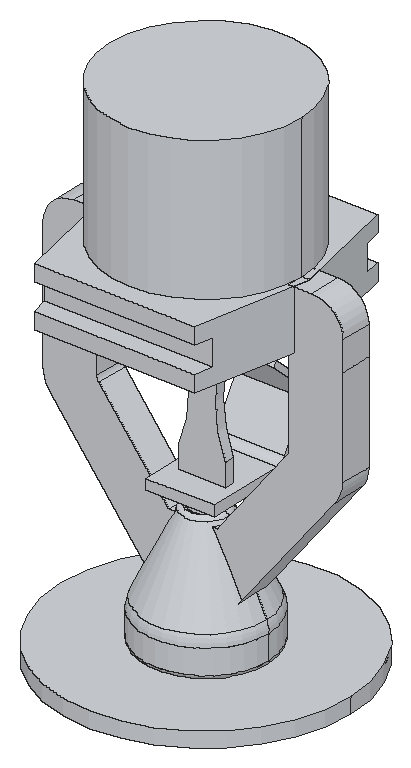
Revit family
Parameters (values of type "RASCO JL-14 ESFR")
  Temperature Rating = 165 °F
  Response = 1
  RASCO SIN # = "RA1812"
  RASCO Part # = "JL141B"
  Pressure Rating = "175 PSI"
  Pressure Class = (empty or 0)
  Orifice Size = 3/4"
  Orifice = (empty or 0)
  Model = "JL-14"
  Manufacturer = "RASCO"
  K-Factor = 14
  Description = "BRONZE FINISH"
  Coverage = (empty or 0)
Reference planes (in)
  plane 1 "Center (Front/Back)": y = 0
  plane 2: z = 0
  plane 3 "Center (Left/Right)": x = 0
Nested families (in)
  nested 1: "JL141B" at (-0.00014, 0, 2.99969) x (-1, 0, 0) z (0, 0, -1), type "RASCO JL-14 ESFR"
Connectors (in)
  piping at (-0.00014, 0, 2.99969)
    settings: on nested 1, index 1, connector radius 1/2", flow factor 0, pipe flow 0 GPM, pressure drop 0.00 psi, fitting loss kfactor 0, connector angle 0.00°, fixture units 0, flow configuration 0, flow direction 0, fitting loss method 0, system type 7, connector reference index -1, connector utility 0, adjustable connector no, is connector primary yes, fitting loss table "", connector description ""
Definition of nested family "JL141B"
  Parameters (values of type "RASCO JL-14 ESFR")
    Type Comments = ""
    Temperature Rating = 0 °F
    Response = (empty or 0)
    Pressure Rating = "0"
    Pressure Class = (empty or 0)
    Orifice Size = 0"
    Orifice = (empty or 0)
    Model = ""
    Manufacturer = ""
    K-Factor = 0
    Description = ""
    Coverage = (empty or 0)
    Assembly Code = ""
  Reference planes (in)
    plane 1 "Center (Front/Back)": y = 0
    plane 2: z = 0
    plane 3 "REF.1": z = 0.773
    plane 4 "top": z = 2.8125
    plane 5: x = -0.81624
    plane 6: x = 0.81332
    plane 7 "ref.2": z = 2.098
    plane 8 "head": z = 2.72724
    plane 9 "left/right center": x = 0
    plane 10 "screw": z = 1.98251
    plane 11 "link2": through (0, -0.02489, 1.21079) normal (0, 0.6767, -0.7363)
  Forms (in)
    Extrusion 1, solid
      sketch origin (0, 0, 0) x (1, 0, 0) y (0, 1, 0)
        loop
          circle (0, 0) r 0.5221
      from 0 to 0.773
    Extrusion 2, solid
      sketch origin (0, 0, 0.773) x (-1, 0, 0) y (0, -1, 0)
        loop
          line (-0.43619, -0.62052) -> (0.4375, -0.62052) -> (0.56391, 0) -> (0.4375, 0.62052) -> (-0.43619, 0.62052) -> (-0.56259, 0) -> (-0.43619, -0.62052)
      from 0 to 0.325
    Extrusion 3, void
      sketch origin (0, 0, 0) x (1, 0, 0) y (0, 0, 1)
        loop
          line (-0.56391, 1.00774) -> (-0.56391, 0.86298) -> (0.56259, 0.86298) -> (0.56259, 1.00774) -> (-0.56391, 1.00774)
      from 0.52148 to 0.62052
    Extrusion 4, solid
      sketch origin (0, 0, 0) x (1, 0, 0) y (0, 0, 1)
        loop
          line (-0.5221, 0.773) -> (-0.5221, 1.098) -> (-0.5221, 1.58091)
          arc (-0.5221, 1.58091) -> (-0.5194, 1.59708) -> (-0.51161, 1.61149) r 0.04979
          line (-0.51161, 1.61149) -> (-0.13316, 2.098) -> (-0.00066, 2.098) -> (0.13184, 2.098) -> (0.5115, 1.61158)
          arc (0.5115, 1.61158) -> (0.51938, 1.59706) -> (0.5221, 1.58077) r 0.05007
          line (0.5221, 1.58077) -> (0.5221, 1.098) -> (0.5221, 0.773) -> (0.64763, 0.773)
          arc (0.64763, 0.773) -> (0.76676, 0.82234) -> (0.8161, 0.94147) r 0.16847
          line (0.8161, 0.94147) -> (0.8161, 1.098) -> (0.8161, 1.63725)
          arc (0.8161, 1.63725) -> (0.80631, 1.69579) -> (0.77801, 1.74796) r 0.17993
          line (0.77801, 1.74796) -> (0.18552, 2.50706) -> (-0.18743, 2.50706) -> (-0.77818, 1.74764)
          arc (-0.77818, 1.74764) -> (-0.80636, 1.69554) -> (-0.8161, 1.63712) r 0.18
          line (-0.8161, 1.63712) -> (-0.8161, 1.098) -> (-0.8161, 0.94094)
          arc (-0.8161, 0.94094) -> (-0.76691, 0.82219) -> (-0.64816, 0.773) r 0.16794
          line (-0.64816, 0.773) -> (-0.5221, 0.773)
      from -0.08649 to 0.08732
    Extrusion 5, void
      sketch origin (0.00728, 1.142, 0) x (1, 0, 0) y (0, 0, 1)
        loop
          line (-0.56391, 1.00774) -> (-0.56391, 0.86298) -> (0.56259, 0.86298) -> (0.56259, 1.00774) -> (-0.56391, 1.00774)
      from 0.52148 to 0.62052
    Revolve 6, solid
      sketch origin (0, 0, 0) x (1, 0, 0) y (0, 0, 1)
        loop
          line (-0.00066, 2.72754) -> (-0.32516, 2.72754)
          arc (-0.32516, 2.72754) -> (-0.339, 2.72181) -> (-0.34473, 2.70797) r 0.01957
          line (-0.34473, 2.70797) -> (-0.34473, 2.57443)
          arc (-0.34473, 2.57443) -> (-0.34132, 2.5437) -> (-0.33127, 2.51445) r 0.14031
          line (-0.33127, 2.51445) -> (-0.12582, 2.07995)
          arc (-0.12582, 2.07995) -> (-0.11591, 2.06775) -> (-0.10088, 2.06316) r 0.02692
          line (-0.10088, 2.06316) -> (-0.00066, 2.06316) -> (-0.00066, 2.72754)
        axis (-0.00066, 2.72754) -> (-0.00066, 2.06316)
      angle from 0 to 360
    Extrusion 7, solid
      sketch origin (0, 0, 0) x (1, 0, 0) y (0, 0, 1)
        loop
          line (-0.00066, 1.098) -> (0.12634, 1.098) -> (0.12634, 1.25094)
          arc (0.12634, 1.25094) -> (0.07205, 1.52876) -> (0.12634, 1.80659) r 0.738
          line (0.12634, 1.80659) -> (0.12634, 1.9285) -> (-0.12716, 1.9285) -> (-0.12716, 1.80659)
          arc (-0.12716, 1.80659) -> (-0.07288, 1.52876) -> (-0.12716, 1.25094) r 0.73821
          line (-0.12716, 1.25094) -> (-0.12716, 1.098) -> (-0.00066, 1.098)
      from -0.02698 to 0.02489
    Extrusion 8, solid
      sketch origin (0, 0, 0) x (0, 0, -1) y (0, -1, 0)
        loop
          line (-1.92851, 0.17394) -> (-1.98251, 0.17394) -> (-1.98251, -0.23992)
          arc (-1.98251, -0.23992) -> (-1.96437, -0.3088) -> (-1.91467, -0.35983) r 0.13989
          line (-1.91467, -0.35983) -> (-1.70246, -0.48734)
          arc (-1.70246, -0.48734) -> (-1.69224, -0.50115) -> (-1.69478, -0.51815) r 0.02246
          line (-1.69478, -0.51815) -> (-1.72641, -0.57081) -> (-1.68013, -0.59862) -> (-1.63469, -0.52299)
          arc (-1.63469, -0.52299) -> (-1.62907, -0.4854) -> (-1.65167, -0.45485) r 0.04966
          line (-1.65167, -0.45485) -> (-1.89842, -0.30659)
          arc (-1.89842, -0.30659) -> (-1.92047, -0.28396) -> (-1.92851, -0.25341) r 0.06204
          line (-1.92851, -0.25341) -> (-1.92851, 0.17394)
      from -0.18664 to 0.18723
    Extrusion 9, solid
      sketch origin (0, 0, 1.98251) x (-1, 0, 0) y (0, -1, 0)
        loop
          circle (0, 0) r 0.087
      from 0 to 0.0806
    Extrusion 10, solid
      sketch origin (0, -0.61464, 0.66881) x (0, -0.736298, -0.676658) y (-1, 0, 0)
        loop
          line (-0.69009, 0.00066) -> (-0.69009, 0.24966) -> (-0.83009, 0.38966) -> (-1.45483, 0.38966) -> (-1.59483, 0.24966) -> (-1.59483, -0.24834) -> (-1.45483, -0.38834) -> (-0.83009, -0.38834) -> (-0.69009, -0.24834) -> (-0.69009, 0.00066)
      from -0.02887 to 0
    Extrusion 11, solid
      sketch origin (0, 0, 2.72724) x (-1, 0, 0) y (0, -1, 0)
        loop
          circle (0, 0) r 0.789
      from 0 to 0.08526
    Extrusion 12, solid
      sketch origin (0, 0, 2.8125) x (-1, 0, 0) y (0, -1, 0)
        loop
          circle (0, 0) r 0.25
      from 0 to 0.18719
  Cuts and joins
    Extrusion 3, Extrusion 5 cuts Extrusion 2
  Dimensions and locks (in)
    Extrusion 12 to level = 0' - 2.99969"
